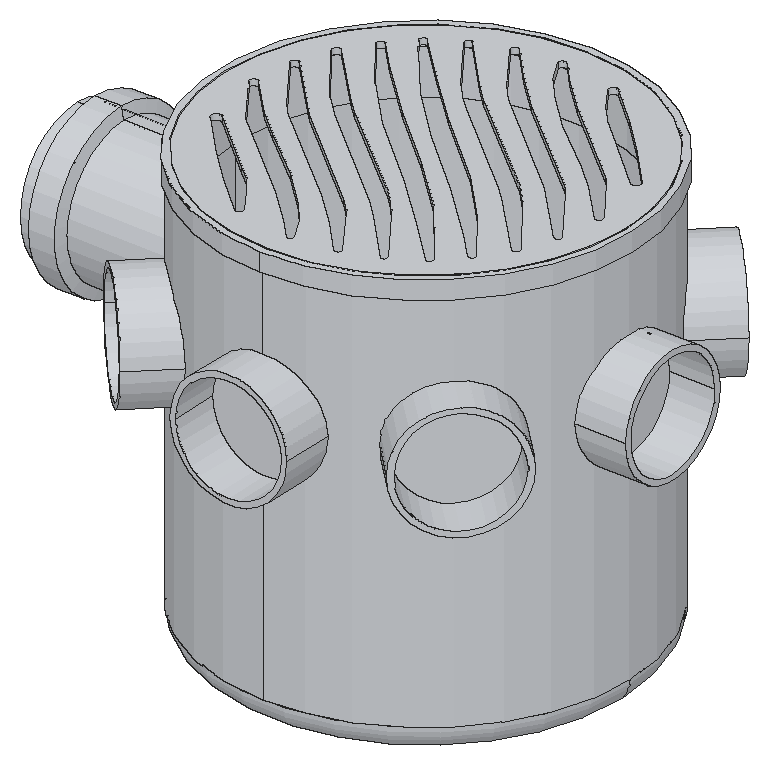
Revit family "Cx_Sifonada_150x150x50_7_Entradas", category Plumbing Fixtures, host Face, Revit 2025 (continued)
Automatic sketch dimensions
  Extrusion 13 sketch curve to Extrusion 13 sketch curve = 0.911 mm  (x2)
  plane 3 "Center (Left/Right)" to Extrusion 13 sketch curve = 6.932 mm
  Extrusion 13 sketch curve to Extrusion 13 sketch curve = 7.333 mm
  Extrusion 13 sketch curve to plane 3 "Center (Left/Right)" = 29.395 mm
  Extrusion 13 sketch curve to Extrusion 13 sketch curve = 3.413 mm  (x2)
  Extrusion 13 sketch curve to Extrusion 13 sketch curve = 0.915 mm  (x2)
  Extrusion 13 sketch curve to Extrusion 13 sketch curve = 0.803 mm  (x2)
  Extrusion 13 sketch curve to Extrusion 13 sketch curve = 8.965 mm  (x2)
  Extrusion 13 sketch curve to plane 3 "Center (Left/Right)" = 4.827 mm
  Extrusion 13 sketch curve to Extrusion 13 sketch curve = 12.753 mm
  Extrusion 13 sketch curve to Extrusion 13 sketch curve = 5.455 mm  (x2)
  Extrusion 13 sketch curve to Extrusion 13 sketch curve = 1.362 mm
  Extrusion 13 sketch curve to Extrusion 13 sketch curve = 1.037 mm  (x3)
  Extrusion 13 sketch curve to Extrusion 13 sketch curve = 0.877 mm  (x2)
  Extrusion 13 sketch curve to Extrusion 13 sketch curve = 10.396 mm  (x2)
  Extrusion 13 sketch curve to Extrusion 13 sketch curve = 0.118 mm  (x2)
  plane 3 "Center (Left/Right)" to Extrusion 13 sketch curve = 19.158 mm
  Extrusion 13 sketch curve to Extrusion 13 sketch curve = 4.85 mm  (x2)
  Extrusion 13 sketch curve to Extrusion 13 sketch curve = 4.94 mm  (x2)
  Extrusion 13 sketch curve to plane 3 "Center (Left/Right)" = 4.934 mm
  Extrusion 13 sketch curve to Extrusion 13 sketch curve = 8.05 mm  (x2)
  Extrusion 13 sketch curve to Extrusion 13 sketch curve = 7.444 mm
  Extrusion 13 sketch curve to Extrusion 13 sketch curve = 9.352 mm  (x2)
  Extrusion 13 sketch curve to Extrusion 13 sketch curve = 1.045 mm  (x2)
  Extrusion 13 sketch curve to Extrusion 13 sketch curve = 3.518 mm
  Extrusion 13 sketch curve to Extrusion 13 sketch curve = 0.926 mm  (x2)
  plane 3 "Center (Left/Right)" to Extrusion 13 sketch curve = 7.638 mm
  Extrusion 13 sketch curve to Extrusion 13 sketch curve = 8.401 mm  (x2)
  Extrusion 13 sketch curve to Extrusion 13 sketch curve = 1.812 mm  (x2)
  plane 3 "Center (Left/Right)" to Extrusion 13 sketch curve = 2.108 mm
  Extrusion 13 sketch curve to Extrusion 13 sketch curve = 1.579 mm  (x2)
  Extrusion 13 sketch curve to Extrusion 13 sketch curve = 0.559 mm
  plane 3 "Center (Left/Right)" to Extrusion 13 sketch curve = 0.884 mm
  Extrusion 13 sketch curve to Extrusion 13 sketch curve = 0.882 mm  (x2)
  Extrusion 13 sketch curve to Extrusion 13 sketch curve = 7.255 mm
  Extrusion 13 sketch curve to Extrusion 13 sketch curve = 3.48 mm  (x2)
  Extrusion 13 sketch curve to Extrusion 13 sketch curve = 11.449 mm  (x2)
  Extrusion 13 sketch curve to Extrusion 13 sketch curve = 3.968 mm
  Extrusion 13 sketch curve to Extrusion 13 sketch curve = 12.006 mm
  Extrusion 13 sketch curve to Extrusion 13 sketch curve = 9.237 mm  (x2)
  Extrusion 13 sketch curve to Extrusion 13 sketch curve = 1.127 mm  (x2)
  Extrusion 13 sketch curve to Extrusion 13 sketch curve = 0.999 mm  (x2)
  Extrusion 13 sketch curve to Extrusion 13 sketch curve = 7.722 mm  (x2)
  Extrusion 13 sketch curve to Extrusion 13 sketch curve = 15.551 mm
  Extrusion 13 sketch curve to Extrusion 13 sketch curve = 1.283 mm  (x2)
  Extrusion 13 sketch curve to Extrusion 13 sketch curve = 10.99 mm  (x2)
  Extrusion 13 sketch curve to Extrusion 13 sketch curve = 1.286 mm  (x2)
  Extrusion 13 sketch curve to Extrusion 13 sketch curve = 1.308 mm
  Extrusion 13 sketch curve to Extrusion 13 sketch curve = 1.547 mm
  Extrusion 13 sketch curve to plane 3 "Center (Left/Right)" = 6.526 mm
  Extrusion 13 sketch curve to Extrusion 13 sketch curve = 7.432 mm  (x2)
  Extrusion 13 sketch curve to Extrusion 13 sketch curve = 1.928 mm  (x2)
  Extrusion 13 sketch curve to Extrusion 13 sketch curve = 11.395 mm  (x2)
  Extrusion 13 sketch curve to Extrusion 13 sketch curve = 0.996 mm  (x2)
  Extrusion 13 sketch curve to Extrusion 13 sketch curve = 0.858 mm  (x2)
  Extrusion 13 sketch curve to plane 1 "Center (Front/Back)" = 13.733 mm
  Extrusion 13 sketch curve to Extrusion 13 sketch curve = 5.978 mm  (x2)
  Extrusion 13 sketch curve to Extrusion 13 sketch curve = 0.902 mm  (x2)
  Extrusion 13 sketch curve to Extrusion 13 sketch curve = 2.864 mm  (x2)
  Extrusion 13 sketch curve to Extrusion 13 sketch curve = 1.956 mm
  Extrusion 13 sketch curve to Extrusion 13 sketch curve = 2.759 mm  (x2)
  Extrusion 13 sketch curve to Extrusion 13 sketch curve = 0.924 mm  (x2)
  Extrusion 13 sketch curve to Extrusion 13 sketch curve = 1.469 mm
  Extrusion 13 sketch curve to plane 3 "Center (Left/Right)" = 3.729 mm
  Extrusion 13 sketch curve to plane 1 "Center (Front/Back)" = 6.854 mm
  Extrusion 13 sketch curve to Extrusion 13 sketch curve = 3.653 mm  (x2)
  Extrusion 13 sketch curve to Extrusion 13 sketch curve = 3.184 mm  (x2)
  Extrusion 13 sketch curve to plane 1 "Center (Front/Back)" = 4.80 mm
  Extrusion 13 sketch curve to plane 1 "Center (Front/Back)" = 4.433 mm
  Extrusion 13 sketch curve to Extrusion 13 sketch curve = 1.454 mm  (x2)
  Extrusion 13 sketch curve to plane 1 "Center (Front/Back)" = 1.362 mm
  Extrusion 13 sketch curve to plane 1 "Center (Front/Back)" = 0.718 mm
  Extrusion 13 sketch curve to plane 1 "Center (Front/Back)" = 0.278 mm
  Extrusion 13 sketch curve to plane 1 "Center (Front/Back)" = 0.139 mm
  plane 1 "Center (Front/Back)" to Extrusion 13 sketch curve = 0.013 mm
  plane 1 "Center (Front/Back)" to Extrusion 13 sketch curve = 0.076 mm
  plane 1 "Center (Front/Back)" to Extrusion 13 sketch curve = 0.216 mm
  plane 1 "Center (Front/Back)" to Extrusion 13 sketch curve = 0.656 mm
  plane 1 "Center (Front/Back)" to Extrusion 13 sketch curve = 1.30 mm
  plane 1 "Center (Front/Back)" to Extrusion 13 sketch curve = 3.283 mm
  plane 1 "Center (Front/Back)" to Extrusion 13 sketch curve = 4.37 mm
  plane 1 "Center (Front/Back)" to Extrusion 13 sketch curve = 4.742 mm
  plane 1 "Center (Front/Back)" to Extrusion 13 sketch curve = 5.05 mm
  plane 1 "Center (Front/Back)" to Extrusion 13 sketch curve = 6.792 mm
  plane 1 "Center (Front/Back)" to Extrusion 13 sketch curve = 7.381 mm
  Extrusion 13 sketch curve to Extrusion 13 sketch curve = 2.88 mm
  Extrusion 13 sketch curve to Extrusion 13 sketch curve = 14.554 mm
  plane 3 "Center (Left/Right)" to Extrusion 13 sketch curve = 6.817 mm
  Extrusion 13 sketch curve to Extrusion 13 sketch curve = 12.25 mm
  Extrusion 13 sketch curve to Extrusion 13 sketch curve = 9.048 mm
  Extrusion 13 sketch curve to Extrusion 13 sketch curve = 3.475 mm
  Extrusion 13 sketch curve to Extrusion 13 sketch curve = 13.095 mm
  plane 3 "Center (Left/Right)" to Extrusion 13 sketch curve = 5.814 mm
  Extrusion 13 sketch curve to Extrusion 13 sketch curve = 15.655 mm
  Extrusion 13 sketch curve to Extrusion 13 sketch curve = 2.887 mm
  plane 3 "Center (Left/Right)" to Extrusion 13 sketch curve = 26.809 mm
  Extrusion 13 sketch curve to Extrusion 13 sketch curve = 0.603 mm
  Extrusion 13 sketch curve to plane 3 "Center (Left/Right)" = 0.594 mm
  Extrusion 13 sketch curve to Extrusion 13 sketch curve = 3.645 mm
  Extrusion 13 sketch curve to Extrusion 13 sketch curve = 0.323 mm
  Extrusion 13 sketch curve to Extrusion 13 sketch curve = 19.667 mm
  plane 3 "Center (Left/Right)" to Extrusion 13 sketch curve = 12.523 mm
  plane 3 "Center (Left/Right)" to Extrusion 13 sketch curve = 5.224 mm
  Extrusion 13 sketch curve to Extrusion 13 sketch curve = 5.916 mm
  Extrusion 13 sketch curve to Extrusion 13 sketch curve = 2.504 mm
  plane 3 "Center (Left/Right)" to Extrusion 13 sketch curve = 5.117 mm
  Extrusion 13 sketch curve to plane 3 "Center (Left/Right)" = 25.525 mm
  plane 3 "Center (Left/Right)" to Extrusion 13 sketch curve = 29.685 mm
  Extrusion 13 sketch curve to plane 3 "Center (Left/Right)" = 6.641 mm
  Extrusion 13 sketch curve to plane 3 "Center (Left/Right)" = 19.248 mm
  plane 3 "Center (Left/Right)" to Extrusion 13 sketch curve = 16.347 mm
  Extrusion 13 sketch curve to Extrusion 13 sketch curve = 24.783 mm
  plane 3 "Center (Left/Right)" to Extrusion 13 sketch curve = 2.582 mm
  Extrusion 13 sketch curve to Extrusion 13 sketch curve = 5.667 mm
  plane 3 "Center (Left/Right)" to Extrusion 13 sketch curve = 1.271 mm
  plane 3 "Center (Left/Right)" to Extrusion 13 sketch curve = 0.197 mm
  Extrusion 13 sketch curve to Extrusion 13 sketch curve = 37.443 mm
  Extrusion 13 sketch curve to Extrusion 13 sketch curve = 29.727 mm
  Extrusion 13 sketch curve to Extrusion 13 sketch curve = 0.946 mm
  Extrusion 13 sketch curve to Extrusion 13 sketch curve = 48.468 mm
  Extrusion 13 sketch curve to Extrusion 13 sketch curve = 9.791 mm
  Extrusion 13 sketch curve to Extrusion 13 sketch curve = 15.627 mm
  Extrusion 13 sketch curve to Extrusion 13 sketch curve = 1.25 mm
  Extrusion 13 sketch curve to Extrusion 13 sketch curve = 7.067 mm
  Extrusion 13 sketch curve to Extrusion 13 sketch curve = 0.002 mm  (x2)
  Extrusion 13 sketch curve to Extrusion 13 sketch curve = 1.149 mm
  Extrusion 13 sketch curve to Extrusion 13 sketch curve = 4.965 mm
  Extrusion 13 sketch curve to Extrusion 13 sketch curve = 11.105 mm
  Extrusion 13 sketch curve to Extrusion 13 sketch curve = 2.854 mm  (x2)
  Extrusion 13 sketch curve to Extrusion 13 sketch curve = 1.278 mm
  Extrusion 13 sketch curve to Extrusion 13 sketch curve = 2.419 mm
  Extrusion 13 sketch curve to Extrusion 13 sketch curve = 1.822 mm
  Extrusion 13 sketch curve to Extrusion 13 sketch curve = 5.301 mm  (x2)
  Extrusion 13 sketch curve to Extrusion 13 sketch curve = 1.186 mm
  Extrusion 13 sketch curve to Extrusion 13 sketch curve = 2.401 mm
  Extrusion 13 sketch curve to Extrusion 13 sketch curve = 13.558 mm
  Extrusion 13 sketch curve to Extrusion 13 sketch curve = 11.222 mm
  Extrusion 13 sketch curve to Extrusion 13 sketch curve = 0.941 mm  (x2)
  Extrusion 13 sketch curve to Extrusion 13 sketch curve = 6.227 mm  (x2)
  Extrusion 13 sketch curve to Extrusion 13 sketch curve = 11.11 mm
  Extrusion 13 sketch curve to Extrusion 13 sketch curve = 1.175 mm
  Extrusion 13 sketch curve to Extrusion 13 sketch curve = 3.402 mm
  Extrusion 13 sketch curve to Extrusion 13 sketch curve = 1.56 mm
  Extrusion 13 sketch curve to Extrusion 13 sketch curve = 9.176 mm
  Extrusion 13 sketch curve to Extrusion 13 sketch curve = 3.689 mm
  Extrusion 13 sketch curve to Extrusion 13 sketch curve = 3.026 mm
  Extrusion 13 sketch curve to Extrusion 13 sketch curve = 0.34 mm  (x2)
  Extrusion 13 sketch curve to Extrusion 13 sketch curve = 4.027 mm
  Extrusion 13 sketch curve to Extrusion 13 sketch curve = 5.196 mm  (x2)
  Extrusion 13 sketch curve to Extrusion 13 sketch curve = 13.693 mm
  Extrusion 13 sketch curve to Extrusion 13 sketch curve = 2.056 mm
  Extrusion 13 sketch curve to Extrusion 13 sketch curve = 0.378 mm  (x2)
  Extrusion 13 sketch curve to Extrusion 13 sketch curve = 13.372 mm
  Extrusion 13 sketch curve to Extrusion 13 sketch curve = 1.499 mm
  Extrusion 13 sketch curve to Extrusion 13 sketch curve = 6.761 mm
  Extrusion 13 sketch curve to Extrusion 13 sketch curve = 7.358 mm  (x2)
  Extrusion 13 sketch curve to Extrusion 13 sketch curve = 1.142 mm
  Extrusion 13 sketch curve to Extrusion 13 sketch curve = 10.13 mm
  Extrusion 13 sketch curve to Extrusion 13 sketch curve = 4.157 mm
  Extrusion 13 sketch curve to plane 3 "Center (Left/Right)" = 6.365 mm
  Extrusion 13 sketch curve to Extrusion 13 sketch curve = 2.817 mm
  Extrusion 13 sketch curve to Extrusion 13 sketch curve = 2.815 mm
  Extrusion 13 sketch curve to plane 3 "Center (Left/Right)" = 2.292 mm
  Extrusion 13 sketch curve to plane 3 "Center (Left/Right)" = 0.013 mm
  plane 3 "Center (Left/Right)" to Extrusion 13 sketch curve = 2.999 mm
  plane 3 "Center (Left/Right)" to Extrusion 13 sketch curve = 4.02 mm
  plane 3 "Center (Left/Right)" to Extrusion 13 sketch curve = 6.655 mm
  Extrusion 13 sketch curve to Extrusion 13 sketch curve = 1.032 mm
  Extrusion 13 sketch curve to Extrusion 13 sketch curve = 13.064 mm
  Extrusion 13 sketch curve to Extrusion 13 sketch curve = 0.597 mm
  Extrusion 13 sketch curve to Extrusion 13 sketch curve = 1.302 mm
  Extrusion 13 sketch curve to Extrusion 13 sketch curve = 6.658 mm
  Extrusion 13 sketch curve to Extrusion 13 sketch curve = 0.981 mm
  Extrusion 13 sketch curve to Extrusion 13 sketch curve = 3.672 mm
  Extrusion 13 sketch curve to Extrusion 13 sketch curve = 4.227 mm
  Extrusion 13 sketch curve to Extrusion 13 sketch curve = 1.477 mm
  Extrusion 13 sketch curve to Extrusion 13 sketch curve = 6.794 mm
  Extrusion 13 sketch curve to Extrusion 13 sketch curve = 1.082 mm
  Extrusion 13 sketch curve to Extrusion 13 sketch curve = 7.759 mm
  Extrusion 13 sketch curve to Extrusion 13 sketch curve = 1.167 mm
  Extrusion 13 sketch curve to Extrusion 13 sketch curve = 1.031 mm
  Extrusion 13 sketch curve to Extrusion 13 sketch curve = 1.122 mm
  plane 3 "Center (Left/Right)" to Sweep 14 sketch curve = 0.107 mm
  Sweep 14 sketch curve to Sweep 14 sketch curve = 0.00 mm  (x2)
  plane 1 "Center (Front/Back)" to Sweep 14 sketch curve = 0.00 mm
  profile plane to Sweep 14 sketch curve = 0.107 mm
  Revolve 15 sketch curve to plane 3 "Center (Left/Right)" = 0.00 mm
  Revolve 15 sketch curve to plane 7 = 0.00 mm
  Revolve 15 sketch curve to plane 3 "Center (Left/Right)" = 71.00 mm
  Revolve 15 sketch curve to Revolve 15 sketch curve = 2.70 mm
  Revolve 15 sketch curve to Revolve 15 sketch curve = 2.10 mm
  plane 7 to Revolve 15 sketch curve = 15.00 mm
  Extrusion 16 sketch curve to plane 1 "Center (Front/Back)" = 77.75 mm
  Extrusion 16 sketch curve to Extrusion 16 sketch curve = 2.35 mm  (x4)
  plane 1 "Center (Front/Back)" to Extrusion 16 sketch curve = 75.40 mm
  Extrusion 16 sketch curve to plane 3 "Center (Left/Right)" = 77.75 mm
  plane 3 "Center (Left/Right)" to Extrusion 16 sketch curve = 75.40 mm
  plane 1 "Center (Front/Back)" to Extrusion 17 sketch curve = 0.00 mm
  Extrusion 17 sketch curve to plane 3 "Center (Left/Right)" = 0.00 mm
  Extrusion 17 sketch curve to plane 1 "Center (Front/Back)" = 75.40 mm
  plane 1 "Center (Front/Back)" to Extrusion 17 sketch curve = 75.40 mm
  Extrusion 17 sketch curve to plane 3 "Center (Left/Right)" = 75.40 mm
  plane 3 "Center (Left/Right)" to Extrusion 17 sketch curve = 75.40 mm
  plane 1 "Center (Front/Back)" to Sweep 18 sketch curve = 0.00 mm
  Sweep 18 sketch curve to plane 3 "Center (Left/Right)" = 131.50 mm
  Sweep 18 sketch curve to Sweep 18 sketch curve = 40.00 mm
  plane 6 to Sweep 18 sketch curve = 0.00 mm
  Sweep 18 sketch curve to profile plane = 0.00 mm
  plane 1 "Center (Front/Back)" to Sweep 19 sketch curve = 0.00 mm
  plane 3 "Center (Left/Right)" to Sweep 19 sketch curve = 75.80 mm
  Sweep 19 sketch curve to Sweep 19 sketch curve = 17.338 mm
  plane 6 to Sweep 19 sketch curve = 0.00 mm
  Sweep 19 sketch curve to profile plane = 0.00 mm
  Sweep 20 sketch curve to plane 1 "Center (Front/Back)" = 53.599 mm
  plane 3 "Center (Left/Right)" to Sweep 20 sketch curve = 53.599 mm
  Sweep 20 sketch curve to Sweep 20 sketch curve = 17.338 mm
  plane 6 to Sweep 20 sketch curve = 0.00 mm
  Sweep 20 sketch curve to profile plane = 0.00 mm
  Sweep 21 sketch curve to plane 3 "Center (Left/Right)" = 0.00 mm
  Sweep 21 sketch curve to plane 1 "Center (Front/Back)" = 75.80 mm
  Sweep 21 sketch curve to Sweep 21 sketch curve = 17.338 mm
  Sweep 21 sketch curve to plane 6 = 0.00 mm
  profile plane to Sweep 21 sketch curve = 0.00 mm
  Sweep 22 sketch curve to plane 1 "Center (Front/Back)" = 53.599 mm
  Sweep 22 sketch curve to plane 3 "Center (Left/Right)" = 53.599 mm
  Sweep 22 sketch curve to Sweep 22 sketch curve = 17.338 mm
  plane 6 to Sweep 22 sketch curve = 0.00 mm
  Sweep 22 sketch curve to profile plane = 0.00 mm
  plane 1 "Center (Front/Back)" to Sweep 23 sketch curve = 53.599 mm
  plane 3 "Center (Left/Right)" to Sweep 23 sketch curve = 53.599 mm
  Sweep 23 sketch curve to Sweep 23 sketch curve = 17.338 mm
  Sweep 23 sketch curve to plane 6 = 0.00 mm
  Sweep 23 sketch curve to profile plane = 0.00 mm
  Sweep 24 sketch curve to plane 3 "Center (Left/Right)" = 0.00 mm
  plane 1 "Center (Front/Back)" to Sweep 24 sketch curve = 75.80 mm
  Sweep 24 sketch curve to Sweep 24 sketch curve = 17.338 mm
  Sweep 24 sketch curve to plane 6 = 0.00 mm
  Sweep 24 sketch curve to profile plane = 0.00 mm
  plane 1 "Center (Front/Back)" to Sweep 25 sketch curve = 53.599 mm
  Sweep 25 sketch curve to plane 3 "Center (Left/Right)" = 53.599 mm
  Sweep 25 sketch curve to Sweep 25 sketch curve = 17.338 mm
  Sweep 25 sketch curve to plane 6 = 0.00 mm
  Sweep 25 sketch curve to profile plane = 0.00 mm
  curve 17 to curve 4 = 16.042 mm
  curve 13 to curve 5 = 6.645 mm
  radius of Sweep 11 sketch curve = 72.30 mm
  radius of Extrusion 13 sketch curve = 75.65 mm
  radius of Sweep 14 sketch curve = 78.25 mm
  radius of Sweep 14 sketch curve = 75.80 mm
  radius of Extrusion 17 sketch curve = 71.00 mm
Nested families
  nested 1: "Prolongamento para Caixa Sifonada - Caixas e Ralos - Esgoto - MEP - Tigre" at (0, 0, -7), Comprimento do Tubo <- "Comprimento do Tubo", visible <- "Prolongador", Acabamento <- "Prolongador.", Tigre: Comentários <- "Tigre: Comentários", Tigre: Marcador <- "Tigre: Marcador", type "150 x 150 mm"
    with Tigre: Marcador "00", Tigre: Código com Separador "27.30.748.5", Tigre: Código 27307485, Tigre: Comentários "", Comprimento do Tubo 1.00 mm, Acabamento none, Unifilar 60.00 mm, Raio Nominal 75.00 mm, Raio Externo 74.00 mm, Raio Interno 72.52 mm, Diâmetro Nominal 150.00 mm
Connectors
  piping at (-91.5, 0, -57), diameter 50, driven by "Raio Nominal 1"
    settings: on cut or joined group of Sweep 1, Revolve 2, Sweep 3, Sweep 4, Sweep 5, SweptBlend 6, Sweep 7, SweptBlend 8, Sweep 9, Sweep 10, Sweep 11, Sweep 18, Sweep 19, Sweep 20, Sweep 21, Sweep 22, Sweep 23, Sweep 24, Sweep 25, index 1, connector inside diameter 50.00 mm, connector length 0.00 mm, flow factor 0, pipe flow 0 GPM, pressure drop 0.00 psi, fitting loss kfactor 0, connector angle 0.00°, fixture units 0, engagement length 0.00 mm, angle of deflection 0.00°, flow configuration 0, flow direction 2, fitting loss method 0, system type 16, joint type 0, gender type 0, connector reference index 2, connector utility 1, adjustable connector yes, is connector primary yes, connector description ""
  piping at (75.8, 0, -57), diameter 40, driven by "Raio Nominal 2"
    settings: on cut or joined group of Sweep 1, Revolve 2, Sweep 3, Sweep 4, Sweep 5, SweptBlend 6, Sweep 7, SweptBlend 8, Sweep 9, Sweep 10, Sweep 11, Sweep 18, Sweep 19, Sweep 20, Sweep 21, Sweep 22, Sweep 23, Sweep 24, Sweep 25, index 2, connector inside diameter 40.00 mm, connector length 0.00 mm, flow factor 0, pipe flow 0 GPM, pressure drop 0.00 psi, fitting loss kfactor 0, connector angle 0.00°, fixture units 0, engagement length 0.00 mm, angle of deflection 0.00°, flow configuration 0, flow direction 1, fitting loss method 0, system type 16, joint type 0, gender type 0, connector reference index 1, connector utility 1, adjustable connector yes, is connector primary no, connector description ""
  piping at (0, -75.8, -57), diameter 40, driven by "Raio Nominal 2"
    settings: on cut or joined group of Sweep 1, Revolve 2, Sweep 3, Sweep 4, Sweep 5, SweptBlend 6, Sweep 7, SweptBlend 8, Sweep 9, Sweep 10, Sweep 11, Sweep 18, Sweep 19, Sweep 20, Sweep 21, Sweep 22, Sweep 23, Sweep 24, Sweep 25, index 3, connector inside diameter 40.00 mm, connector length 0.00 mm, flow factor 0, pipe flow 0 GPM, pressure drop 0.00 psi, fitting loss kfactor 0, connector angle 0.00°, fixture units 0, engagement length 0.00 mm, angle of deflection 0.00°, flow configuration 0, flow direction 1, fitting loss method 0, system type 16, joint type 0, gender type 0, connector reference index 4, connector utility 1, adjustable connector yes, is connector primary no, connector description ""
  piping at (0, 75.8, -57), diameter 40, driven by "Raio Nominal 2"
    settings: on cut or joined group of Sweep 1, Revolve 2, Sweep 3, Sweep 4, Sweep 5, SweptBlend 6, Sweep 7, SweptBlend 8, Sweep 9, Sweep 10, Sweep 11, Sweep 18, Sweep 19, Sweep 20, Sweep 21, Sweep 22, Sweep 23, Sweep 24, Sweep 25, index 4, connector inside diameter 40.00 mm, connector length 0.00 mm, flow factor 0, pipe flow 0 GPM, pressure drop 0.00 psi, fitting loss kfactor 0, connector angle 0.00°, fixture units 0, engagement length 0.00 mm, angle of deflection 0.00°, flow configuration 0, flow direction 1, fitting loss method 0, system type 16, joint type 0, gender type 0, connector reference index 3, connector utility 1, adjustable connector yes, is connector primary no, connector description ""
  piping at (-53.599, -53.599, -57), diameter 40, driven by "Raio Nominal 2"
    settings: on cut or joined group of Sweep 1, Revolve 2, Sweep 3, Sweep 4, Sweep 5, SweptBlend 6, Sweep 7, SweptBlend 8, Sweep 9, Sweep 10, Sweep 11, Sweep 18, Sweep 19, Sweep 20, Sweep 21, Sweep 22, Sweep 23, Sweep 24, Sweep 25, index 5, connector inside diameter 40.00 mm, connector length 0.00 mm, flow factor 0, pipe flow 0 GPM, pressure drop 0.00 psi, fitting loss kfactor 0, connector angle 0.00°, fixture units 0, engagement length 0.00 mm, angle of deflection 0.00°, flow configuration 0, flow direction 1, fitting loss method 0, system type 16, joint type 0, gender type 0, connector reference index 6, connector utility 1, adjustable connector yes, is connector primary no, connector description ""
  piping at (53.599, 53.599, -57), diameter 40, driven by "Raio Nominal 2"
    settings: on cut or joined group of Sweep 1, Revolve 2, Sweep 3, Sweep 4, Sweep 5, SweptBlend 6, Sweep 7, SweptBlend 8, Sweep 9, Sweep 10, Sweep 11, Sweep 18, Sweep 19, Sweep 20, Sweep 21, Sweep 22, Sweep 23, Sweep 24, Sweep 25, index 6, connector inside diameter 40.00 mm, connector length 0.00 mm, flow factor 0, pipe flow 0 GPM, pressure drop 0.00 psi, fitting loss kfactor 0, connector angle 0.00°, fixture units 0, engagement length 0.00 mm, angle of deflection 0.00°, flow configuration 0, flow direction 1, fitting loss method 0, system type 16, joint type 0, gender type 0, connector reference index 5, connector utility 1, adjustable connector yes, is connector primary no, connector description ""
  piping at (53.599, -53.599, -57), diameter 40, driven by "Raio Nominal 2"
    settings: on cut or joined group of Sweep 1, Revolve 2, Sweep 3, Sweep 4, Sweep 5, SweptBlend 6, Sweep 7, SweptBlend 8, Sweep 9, Sweep 10, Sweep 11, Sweep 18, Sweep 19, Sweep 20, Sweep 21, Sweep 22, Sweep 23, Sweep 24, Sweep 25, index 7, connector inside diameter 40.00 mm, connector length 0.00 mm, flow factor 0, pipe flow 0 GPM, pressure drop 0.00 psi, fitting loss kfactor 0, connector angle 0.00°, fixture units 0, engagement length 0.00 mm, angle of deflection 0.00°, flow configuration 0, flow direction 1, fitting loss method 0, system type 16, joint type 0, gender type 0, connector reference index 8, connector utility 1, adjustable connector yes, is connector primary no, connector description ""
  piping at (-53.599, 53.599, -57), diameter 40, driven by "Raio Nominal 2"
    settings: on cut or joined group of Sweep 1, Revolve 2, Sweep 3, Sweep 4, Sweep 5, SweptBlend 6, Sweep 7, SweptBlend 8, Sweep 9, Sweep 10, Sweep 11, Sweep 18, Sweep 19, Sweep 20, Sweep 21, Sweep 22, Sweep 23, Sweep 24, Sweep 25, index 8, connector inside diameter 40.00 mm, connector length 0.00 mm, flow factor 0, pipe flow 0 GPM, pressure drop 0.00 psi, fitting loss kfactor 0, connector angle 0.00°, fixture units 0, engagement length 0.00 mm, angle of deflection 0.00°, flow configuration 0, flow direction 1, fitting loss method 0, system type 16, joint type 0, gender type 0, connector reference index 7, connector utility 1, adjustable connector yes, is connector primary no, connector description ""
Definition of nested family "Prolongamento para Caixa Sifonada - Caixas e Ralos - Esgoto - MEP - Tigre"
  Parameters
    Unifilar = Diâmetro Nominal * 0.4  # 40.00 mm
    URL = "http://www.tigre.com.br"
    Type Comments = ""
    Tigre: Sistema = "Esgoto"  # constant formula
    Tigre: Norma = ""
    Tigre: Material = "PVC Branco"  # constant formula
    Tigre: Marcador [instance] = "00"
    Tigre: Link do Produto = "http://www.tigre.com.br/pt/produtos_unico.php?rcr_id=4&cpr_id=10&cpr_id_pai=4&lnh_id=11&prd_id=150"
    Tigre: Linha = "Caixas e Ralos"  # constant formula
    Tigre: Fabricante = "© Tigre S/A"  # constant formula
    Tigre: Descrição = "Prolongamento p/ Caixa Sifonada 100 x 100mm, Esgoto - TIGRE"
    Tigre: Código com Separador [instance] = "27.30.748.5"
    Tigre: Código [instance] = 27307485
    Tigre: Comentários [instance] = ""
    Raio Nominal = 50.00 mm
    Raio Externo = 48.40 mm
    Raio Interno = 0.98 * Raio Externo  # 47.432 mm
    Model = ""
    Manufacturer = Tigre: Fabricante  # "© Tigre S/A"
    Diâmetro Nominal = Raio Nominal * 2  # 100.00 mm
    Description = Tigre: Descrição  # "Prolongamento p/ Caixa Sifonada 100 x 100mm, Esgoto - TIGRE"
    Default Elevation = 0.00 mm
    Comprimento do Tubo [instance] = 100.00 mm
    Acabamento [instance] = none
  Reference planes
    plane 1 "Center (Front/Back)": y = 0
    plane 2: z = 0
    plane 3 "Center (Left/Right)": x = 0
    plane 4: z = -100
    plane 5: z = 0
  Forms (mm)
    Sweep 1, solid, material <- "Acabamento", detail levels fine
      path origin (0, 0, 0) x (0, 0, -1) y (0, 1, 0)
        loop
          line (0, 0) -> (100, 0)
      profile origin (0, 0, -50) x (1, 0, 0) y (0, 1, 0)
        loop
          circle (0, 0) r 47.432
        loop
          circle (0, 0) r 48.4
  Dimensions and locks
    "Comprimento do Tubo": plane 5 to plane 4
    "Raio Externo": radius of Sweep 1 sketch curve
    "Raio Interno": radius of Sweep 1 sketch curve
    aligned and locked: plane 1 "Center (Front/Back)" to Sweep 1 sketch curve
    aligned and locked: level to Sweep 1 sketch curve
    aligned and locked: plane 4 to Sweep 1 sketch curve
  Automatic sketch dimensions
    Sweep 1 sketch curve to Sweep 1 sketch curve = 0.00 mm  (x2)
    Sweep 1 sketch curve to profile plane = 0.00 mm  (x2)
Types (6, lengths in mm): name | Tigre: Material | Tigre: Link do Produto | Tigre: Descrição | Tigre: Código com Separador | Tigre: Código | Porta Grelha Redonda | Porta Grelha Quadrada | Grelha Redonda | Grelha Quadrada | Description
  (no name) | "Branco" | "http://www.tigre.com.br/pt/produtos_unico.php?rcr_id=4&cpr_id=10&cpr_id_pai=4&lnh_id=11&prd_id=125" | "Caixa Sifonada Montada c/ Grelha e Porta Grelha, redondos brancos, (com 7 entradas) 150 x 150 x 50mm, Esgoto - TIGRE" | "27.06.853.7" | 27068537 | yes | no | yes | no | "Caixa Sifonada Montada c/ Grelha e Porta Grelha, redondos brancos, (com 7 entradas) 150 x 150 x 50mm, Esgoto - TIGRE"
  Grelha e porta grelha quadrados brancos - DN 150 x 150 x 50 | "Branco" | "http://www.tigre.com.br/pt/produtos_unico.php?rcr_id=4&cpr_id=10&cpr_id_pai=4&lnh_id=11&prd_id=125" | "Caixa Sifonada Montada c/ Grelha e Porta Grelha, quadrados brancos, (com 7 entradas) 150 x 150 x 50mm, Esgoto - TIGRE" | "27.06.850.2" | 27068502 | no | yes | no | yes | "Caixa Sifonada Montada c/ Grelha e Porta Grelha, quadrados brancos, (com 7 entradas) 150 x 150 x 50mm, Esgoto - TIGRE"
  Grelha e porta grelha redondos brancos - DN 150 x 150 x 50 | "Branco" | "http://www.tigre.com.br/pt/produtos_unico.php?rcr_id=4&cpr_id=10&cpr_id_pai=4&lnh_id=11&prd_id=125" | "Caixa Sifonada Montada c/ Grelha e Porta Grelha, redondos brancos, (com 7 entradas) 150 x 150 x 50mm, Esgoto - TIGRE" | "27.06.853.7" | 27068537 | yes | no | yes | no | "Caixa Sifonada Montada c/ Grelha e Porta Grelha, redondos brancos, (com 7 entradas) 150 x 150 x 50mm, Esgoto - TIGRE"
  Porta grelha prata e grelha alumínio quadrados - DN 150 x 150 x 50 | "Prata/Aluminio" | "http://www.tigre.com.br/pt/produtos_unico.php?rcr_id=4&cpr_id=10&cpr_id_pai=4&lnh_id=11&prd_id=125" | "Caixa Sifonada Montada c/ Grelha e Porta Grelha, alumínio quadrados, (com 7 entradas) 150 x 150 x 50mm, Esgoto - TIGRE" | "27.06.870.7" | 27068707 | no | yes | no | yes | "Caixa Sifonada Montada c/ Grelha e Porta Grelha, alumínio quadrados, (com 7 entradas) 150 x 150 x 50mm, Esgoto - TIGRE"
  Porta-grelha prata e grelha alumínio redondos - DN 150 x 150 x 50 | "Prata/Aluminio" | "http://www.tigre.com.br/pt/produtos_unico.php?rcr_id=4&cpr_id=10&cpr_id_pai=4&lnh_id=11&prd_id=125" | "Caixa Sifonada Montada c/ Grelha e Porta Grelha, alumínio redondos, (com 7 entradas) 150 x 150 x 50mm, Esgoto - TIGRE" | "27.06.868.5" | 27068685 | yes | no | yes | no | "Caixa Sifonada Montada c/ Grelha e Porta Grelha, alumínio redondos, (com 7 entradas) 150 x 150 x 50mm, Esgoto - TIGRE"
  Corpo - 150 x 150 x 50 - Série R (com 7 entradas) | "Branco" | "http://www.tigre.com.br/pt/produtos_unico.php?rcr_id=4&cpr_id=10&cpr_id_pai=4&lnh_id=11&prd_id=132" | "Corpo Caixa Sifonada Série R (com 7 entradas) 150 x 150 x 50mm, Esgoto - TIGRE" | "27.14.122.6" | 27141226 | no | no | no | no | "Corpo Caixa Sifonada Série R (com 7 entradas) 150 x 150 x 50mm, Esgoto - TIGRE"
